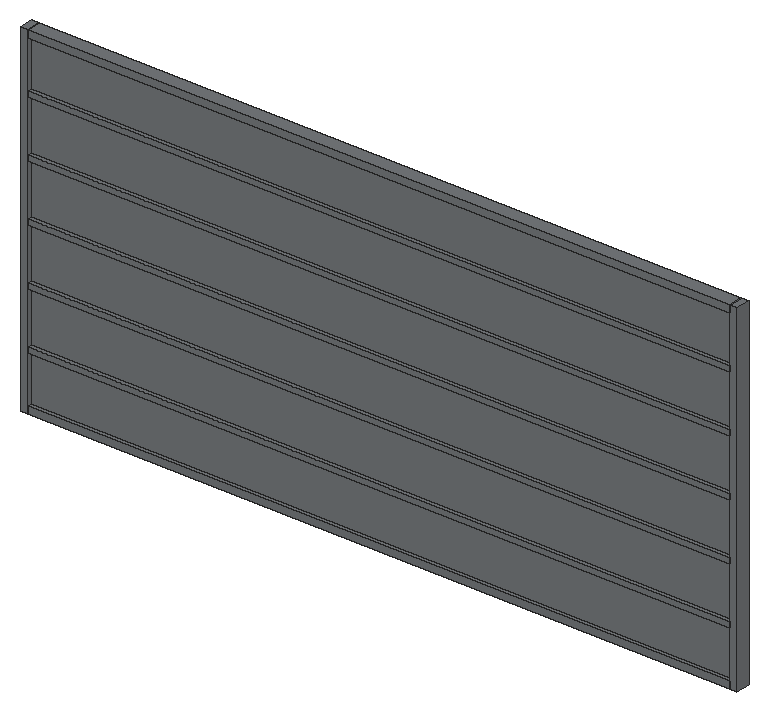
Revit family "LC D03 - A11", category Doors, host Wall, Revit 2027
Family settings
  Host = Wall
  Always vertical = Yes
  Cut with Voids When Loaded = No
  Shared = No
  Room Calculation Point = No
Parameters (values of type "A11 nominal size")
  Function = Interior
  Frame Projection Ext. = 25 mm
  Frame Projection Int. = 25 mm
  Frame Width = 75 mm
  Height = 2400 mm  # constant formula
  Wall Closure = By host
  Width = 5000 mm  # constant formula
  Description = "A07/A08 position, A11 overall sizes. Frame50x100 and glazing6mm are visual coordination profiles; manufacturer sections/glazing specification pending. Panel divisions follow schedule appearance, undimensioned divisions provisional."
Reference planes
  plane 1: y = 0
  plane 2 "Center (Left/Right)": x = 0
  plane 3 "Left": x = -2500
  plane 4 "Right": x = 2500
  plane 5: z = 2400
  plane 6 "Exterior": y = 75
  plane 7 "Interior": y = -75
Forms (mm)
  Extrusion 1, solid, material "LC Aluminium - charcoal coordination"
    sketch origin (0, 0, 0) x (1, 0, 0) y (0, 1, 0)
      loop
        line (-2500, -50) -> (-2450, -50) -> (-2450, 50) -> (-2500, 50) -> (-2500, -50)
    from 0 to 2400
  Extrusion 2, solid, material "LC Aluminium - charcoal coordination"
    sketch origin (0, 0, 0) x (1, 0, 0) y (0, 1, 0)
      loop
        line (2450, -50) -> (2500, -50) -> (2500, 50) -> (2450, 50) -> (2450, -50)
    from 0 to 2400
  Extrusion 3, solid, material "LC Aluminium - charcoal coordination"
    sketch origin (0, 0, 0) x (1, 0, 0) y (0, 1, 0)
      loop
        line (-2450, -50) -> (2450, -50) -> (2450, 50) -> (-2450, 50) -> (-2450, -50)
    from 2350 to 2400
  Extrusion 4, solid, material "LC Aluminium - charcoal coordination"
    sketch origin (0, 0, 0) x (1, 0, 0) y (0, 1, 0)
      loop
        line (-2450, -50) -> (2450, -50) -> (2450, 50) -> (-2450, 50) -> (-2450, -50)
    from 0 to 50
  Extrusion 5, solid, material "LC Aluminium - charcoal coordination"
    sketch origin (0, 0, 0) x (1, 0, 0) y (0, 1, 0)
      loop
        line (-2450, -50) -> (2450, -50) -> (2450, 50) -> (-2450, 50) -> (-2450, -50)
    from 380 to 420
  Extrusion 6, solid, material "LC Aluminium - charcoal coordination"
    sketch origin (0, 0, 0) x (1, 0, 0) y (0, 1, 0)
      loop
        line (-2450, -50) -> (2450, -50) -> (2450, 50) -> (-2450, 50) -> (-2450, -50)
    from 780 to 820
  Extrusion 7, solid, material "LC Aluminium - charcoal coordination"
    sketch origin (0, 0, 0) x (1, 0, 0) y (0, 1, 0)
      loop
        line (-2450, -50) -> (2450, -50) -> (2450, 50) -> (-2450, 50) -> (-2450, -50)
    from 1180 to 1220
  Extrusion 8, solid, material "LC Aluminium - charcoal coordination"
    sketch origin (0, 0, 0) x (1, 0, 0) y (0, 1, 0)
      loop
        line (-2450, -50) -> (2450, -50) -> (2450, 50) -> (-2450, 50) -> (-2450, -50)
    from 1580 to 1620
  Extrusion 9, solid, material "LC Aluminium - charcoal coordination"
    sketch origin (0, 0, 0) x (1, 0, 0) y (0, 1, 0)
      loop
        line (-2450, -50) -> (2450, -50) -> (2450, 50) -> (-2450, 50) -> (-2450, -50)
    from 1980 to 2020
  Extrusion 10, solid, material "LC Aluminium - charcoal coordination"
    sketch origin (0, 0, 0) x (1, 0, 0) y (0, 1, 0)
      loop
        line (-2448, -20) -> (2448, -20) -> (2448, 20) -> (-2448, 20) -> (-2448, -20)
    from 4 to 2350
Lines and regions (mm)
  Opening 1
    outline origin (-3050, -75, 0) x (1, 0, 0) y (0, 0, 1)
      loop
        line (550, 0) -> (5550, 0) -> (5550, 2400) -> (550, 2400) -> (550, 0)
  symbolic lines, style "Elevation Swing"
    curve 1: line (2500, -75, 1200) -> (-2500, -75, 2400)
    curve 2: line (2500, -75, 1200) -> (-2500, -75, 0)
Text (mm)
  text "Exterior" at (-1376.75, 1099.543, 0), in view "Ref. Level"
  text "Exterior" at (0, 1615.38, 3698.081), in view "Left"
  text "Exterior" at (0, 1036.032, 3874.932), in view "Right"
Dimensions and locks
  equal spacing: plane 3 "Left", plane 2 "Center (Left/Right)", plane 4 "Right"
  "Width": plane 3 "Left" to plane 4 "Right"
  "Height": plane 5 to host wall
  equal spacing: host wall, curve 2, plane 5
  host wall to plane 5 = 2400 mm
  locked: plane 6 "Exterior" to host wall
  locked: plane 7 "Interior" to host wall
  aligned and locked: plane 3 "Left" to Opening 1 sketch curve
  aligned and locked: plane 5 to Opening 1 sketch curve  (x2)
  aligned and locked: Opening 1 sketch curve to plane 4 "Right"
  aligned and locked: Opening 1 sketch curve to level
  aligned and locked: plane 5 to curve 1
  aligned and locked: plane 3 "Left" to curve 2
  aligned and locked: host wall to plane 1
  aligned and locked: plane 3 "Left" to curve 1
Automatic sketch dimensions
  plane 4 "Right" to curve 2 = 0 mm
  curve 2 to level = 0 mm
  Extrusion 1 sketch curve to plane 3 "Left" = 0 mm
  Extrusion 1 sketch curve to host wall = 25 mm  (x2)
  Extrusion 1 sketch curve to Extrusion 1 sketch curve = 50 mm
  Extrusion 2 sketch curve to plane 4 "Right" = 0 mm
  Extrusion 2 sketch curve to host wall = 25 mm  (x2)
  plane 4 "Right" to Extrusion 2 sketch curve = 50 mm
  Extrusion 3 sketch curve to host wall = 25 mm  (x2)
  Extrusion 3 sketch curve to plane 3 "Left" = 50 mm
  plane 4 "Right" to Extrusion 3 sketch curve = 50 mm
  Extrusion 4 sketch curve to host wall = 25 mm  (x2)
  Extrusion 4 sketch curve to plane 3 "Left" = 50 mm
  plane 4 "Right" to Extrusion 4 sketch curve = 50 mm
  Extrusion 5 sketch curve to host wall = 25 mm  (x2)
  Extrusion 5 sketch curve to plane 3 "Left" = 50 mm
  plane 4 "Right" to Extrusion 5 sketch curve = 50 mm
  Extrusion 6 sketch curve to host wall = 25 mm  (x2)
  Extrusion 6 sketch curve to plane 3 "Left" = 50 mm
  plane 4 "Right" to Extrusion 6 sketch curve = 50 mm
  Extrusion 7 sketch curve to host wall = 25 mm  (x2)
  Extrusion 7 sketch curve to plane 3 "Left" = 50 mm
  plane 4 "Right" to Extrusion 7 sketch curve = 50 mm
  Extrusion 8 sketch curve to host wall = 25 mm  (x2)
  Extrusion 8 sketch curve to plane 3 "Left" = 50 mm
  plane 4 "Right" to Extrusion 8 sketch curve = 50 mm
  Extrusion 9 sketch curve to host wall = 25 mm  (x2)
  Extrusion 9 sketch curve to plane 3 "Left" = 50 mm
  plane 4 "Right" to Extrusion 9 sketch curve = 50 mm
  host wall to Extrusion 10 sketch curve = 20 mm
  Extrusion 10 sketch curve to plane 3 "Left" = 52 mm
  Extrusion 10 sketch curve to host wall = 20 mm
  plane 4 "Right" to Extrusion 10 sketch curve = 52 mm
